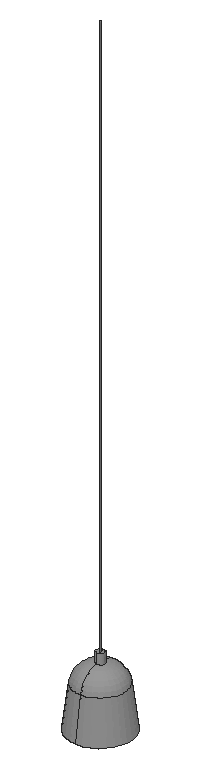
Revit family "Lighting_Pendants_Zero_Convex_Pendant_Small", category Lighting Fixtures, Revit 2020
Family settings
  Round Connector Dimension = Use Diameter
  Part Type = Normal
  OmniClass Number = 23.80.70.00
  OmniClass Title = Lighting
  Work Plane-Based = Yes
  Always vertical = Yes
  Cut with Voids When Loaded = No
  Light Source = Yes
  Shared = No
  Room Calculation Point = No
Parameters (values of type "Convex small Max 28W/E27 Black")
  Youtube clip = ""
  Weight Net (Kg) = "0.8"
  Wattage = 6.53014 W
  WarrantyStartDate [instance] = "n/a"
  WarrantyGuarantorParts = "n/a"
  WarrantyGuarantorLabor = "n/a"
  WarrantyDurationUnit = "Year"
  WarrantyDurationParts = "n/a"
  WarrantyDurationLabor = "n/a"
  WarrantyDescription = "n/a"
  built-in parameter 1150110 = 1 (stored number, unit not read)
  VersionDate = "31/08/2023"  # constant formula
  Version = "2"  # constant formula
  UsageCurrent = 0 A
  Uniformat II Description = ""
  Uniformat II Code = ""
  Uniclass2015Reference = "Pr_70_70_48_86"
  Uniclass2015Description = "Suspended luminaires"
  Uniclass2 = "Pr_70_70_49_86"
  Uniclass 2015 Name = ""
  Uniclass 2015 Code = ""
  Uniclass 2.0 Description = ""
  Uniclass 2.0 Code = ""
  Uniclass 1.4 Description = ""
  Uniclass 1.4 Code = ""
  URL = "https://www.zerolighting.com/convexliten-inompe/"
  UNSPSC Code = ""
  TotalWattage = 28 W
  built-in parameter 1114217 = 1 (stored number, unit not read)
  Tilt Angle = 90.00°
  built-in parameter 1150109 = 1 (stored number, unit not read)
  built-in parameter 1150134 = (empty or 0)
  Technical description = ""
  TagNumber [instance] = "n/a"
  SustainabilityPerformance = "n/a"
  built-in parameter 1150113 = 1 (stored number, unit not read)
  Size = "160x160x185 mm"
  Shape = "Sculptured"
  SerialNumber [instance] = "n/a"
  Revision = "4"  # constant formula
  ReplacementCost = "n/a"
  Region South America = "None"
  Region Oceania = "AU, NZ"
  Region North America = "BZ, CR, GT, HN, MX, NI, PA, SV, US"
  Region Middle East = "AE"
  Region Europe = "AD, AL, AT, AX, BA, BE, BG, BY, CH, CY, CZ, DE, DK, EE, ES, FI, FO, FR, GB, GG, GI, GR, HR, HU, IE, IM, IS, IT, JE, LI, LT, LU, LV, MC, MD, ME, MK, MT, NL, NO, PL, PT, RO, RS, RU, SE, SI, SJ, SK, SM, UA, VA"
  Region Asia = "HK, JP, SG"
  Region Antarctica = "None"
  Region Africa = "None"
  ProductInformation = "n/a"
  Product group = "Pendant"
  Product family = "Convex"
  Product certification = ""
  Product SKU = "Convex_pendant_small"
  Product Guid = "f245711e-cec1-4216-83be-0d51aa60e1ac"
  Photometric Web File = "convex82993_IES.IES"
  PhaseReference = "n/a"
  PhaseAngle = 0.00°
  OmniClass Description = ""
  OmniClass Code = ""
  NumberOfSources = 0
  NumberOfPoles = 1
  NominalVoltageCalc = 0 V
  NominalVoltage = 230 V
  NominalRadius = 80 mm
  NominalLength = 160 mm
  NominalFrequencyRange = 50 Hz
  NominalDiameter = 160 mm
  NominalCurrent = 0 A
  Nominal width = 160 mm
  Nominal height = 185 mm
  Name = "Zero_Convex_Pendant_Small"  # constant formula
  NBSReference = "90-60-50/405"
  NBSDescription = "General purpose luminaires"
  NBS Reference Description = ""
  NBS Reference Code = ""
  ModelReference = "n/a"
  ModelNumber = "8291-1-06"
  Model = "Convex small Max 28W/E27 Black"
  Material secondary = "Acrylic"
  Material main = "Aluminium"
  Material = "Metal"
  Masterformat 2014 Description = ""
  Masterformat 2014 Code = ""
  ManufacturersSpecificInformation = "n/a"
  ManufacturerURL = "https://www.zerolighting.com/"
  ManufacturerName = "Zero"
  Manufacturer name = "ZERO"
  Manufacturer country = "Sweden"
  Manufacturer = "Zero"
  MaintenanceFactor = 0
  Lumens = 970 lm
  built-in parameter 1150115 = 1 (stored number, unit not read)
  built-in parameter 1150105 = 77.19 (stored number, unit not read)
  LightFixturePlacingType = "Ceiling"
  LightFixtureMountingType = "Suspended"
  LightFixtureMainMaterial = Black
  built-in parameter 1150137 = (empty or 0)
  built-in parameter 1150139 = (empty or 0)
  LensMaterial = Tempered glass
  built-in parameter 1150112 = 1 (stored number, unit not read)
  built-in parameter 1150114 = 1 (stored number, unit not read)
  InsulationStandardClass = "n/a"
  InstallationDate [instance] = "n/a"
  Installation instructions = ""
  built-in parameter 1150132 = 2
  built-in parameter 1150102 = (empty or 0)
  built-in parameter 1150138 = (empty or 0)
  built-in parameter 1150107 = 3000 (stored number, unit not read)
  built-in parameter 1150106 = 0.7719 (stored number, unit not read)
  IfcExportType = "NOTDEFINED"  # constant formula
  IfcExportAs = "IfcLightFixtureType"  # constant formula
  IP_Code = "IP20"
  IFC Classification = ""
  HasProtectiveEarth = no
  Grade = "n/a"
  GTIN code = ""
  Finish = "Painted aluminum"
  Features = "Terminal block 2x2, 25mm2"
  ExpectedLife = "n/a"
  Emit from Circle Diameter = 158 mm
  Emit Shape Visible in Rendering = no
  ElectricalDeviceNominalPower = 0
  built-in parameter 1150104 = 13.8 (stored number, unit not read)
  Edition number = 1
  EANNumber = "n/a"
  DurationUnit = "Year"
  Dimming Lamp Color Temperature Shift = <None>
  Designer = "Jens Fager"
  Design country = "Sweden"
  DefaultElevation = 0 mm
  Default Elevation [instance] = 1219.2 mm
  Date of publishing = ""
  ConvergoRefNr = "0046-1708-0031-SE"
  Constituents = "n/a"
  Color Filter = 16777215
  Color = "Black"
  Collection = "Convex"
  CodePerformance = "n/a"
  Category = "Pendant"
  CableLength [instance] = 1500 mm
  COBIe Type Category = ""
  Brand url = "http://www.zero.se"
  Brand = "Zero"
  Barcode [instance] = "n/a"
  built-in parameter 1114218 = 1 (stored number, unit not read)
  BIMObjectName = "Lighting_Pendants_Zero_Convex_Pendant_Small"  # constant formula
  Author = "Convergo AB"  # constant formula
  built-in parameter 1150133 = 10 (stored number, unit not read)
  AssetType = "Fixed"
  AssetIdentifier [instance] = "n/a"
  ArticleNumber = "8291-1-06"
  AccessibilityPerformance = "n/a"
Types (4, lengths in mm): name | ModelNumber | Model | LightFixtureMainMaterial | Color | ArticleNumber
  Convex small Max 28W/E27 White | "8291-1-01" | "Convex small Max 28W/E27 White" | White | "White" | "8291-1-01"
  Convex small Max 28W/E27 Black | "8291-1-06" | "Convex small Max 28W/E27 Black" | Black | "Black" | "8291-1-06"
  Convex small Max 28W/E27 Orange | "8291-1-41" | "Convex small Max 28W/E27 Orange" | Orange RAL 2004 | "Orange" | "8291-1-01"
  Convex small Max 28W/E27 Galvanized | "8291-1-83" | "Convex small Max 28W/E27 Galvanized" | Hot-dip Galvanized | "Silver" | "8291-1-83"
Reference planes
  plane 1 "Light Source Axis (F/B)": y = 0
  plane 2: z = 0
  plane 3 "Light Source Axis (L/R)": x = 0
  plane 4 "Ceiling": z = 0
  plane 5 "Light Source Elevation": z = -1685
  plane 6: y = 80
  plane 7: y = -80
  plane 8: x = -80
  plane 9: x = 80
  plane 10: z = -1500
  plane 11: z = 0
Forms (mm)
  Extrusion 1, solid, material "Black", detail levels medium+fine
    sketch origin (0, 51.698, -1685) x (-1, 0, 0) y (0, -1, 0)
      loop
        circle (0, 51.698) r 1
    from 185 to 1685
  Extrusion 2, solid, material "Black" <- "LightFixtureMainMaterial", detail levels coarse
    sketch origin (0, -1, -1685) x (-1, 0, 0) y (0, -1, 0)
      loop
        line (80, 79) -> (-80, 79) -> (-80, -81) -> (80, -81) -> (80, 79)
    from 0 to 1685
Lines and regions (mm)
  symbolic lines, detail levels medium+fine
    curve 1: line (1, 0, -1500) -> (1, 0, 0)
    curve 2: line (-1, 0, 0) -> (-1, 0, -1500)
    curve 3: line (0, 1, -1500) -> (0, 1, 0)
    curve 4: line (0, -1, 0) -> (0, -1, -1500)
Dimensions and locks
  equal spacing: plane 6, plane 1 "Light Source Axis (F/B)", plane 7
  plane 6 to plane 7 = 160 mm
  equal spacing: plane 8, plane 3 "Light Source Axis (L/R)", plane 9
  "NominalLength": plane 8 to plane 9
  "CableLength": plane 10 to level
  plane 5 "Light Source Elevation" to plane 10 = 185 mm
  aligned and locked: plane 3 "Light Source Axis (L/R)" to imposter light
  aligned and locked: plane 1 "Light Source Axis (F/B)" to imposter light
  aligned and locked: plane 5 "Light Source Elevation" to imposter light
  aligned and locked: plane 10 to Extrusion 1
  aligned and locked: level to Extrusion 1
  aligned and locked: plane 10 to nested 1
  aligned and locked: plane 5 "Light Source Elevation" to Extrusion 2
  aligned and locked: Extrusion 2 to plane 4 "Ceiling"
Automatic sketch dimensions
  Extrusion 1 sketch curve to Extrusion 1 sketch curve = 0 mm  (x2)
  Extrusion 1 sketch curve to plane 3 "Light Source Axis (L/R)" = 0 mm
  plane 1 "Light Source Axis (F/B)" to Extrusion 1 sketch curve = 0 mm
  Extrusion 1 sketch curve to Extrusion 1 sketch curve = 1 mm
  Extrusion 2 sketch curve to plane 7 = 0 mm
  Extrusion 2 sketch curve to plane 9 = 0 mm
  plane 6 to Extrusion 2 sketch curve = 0 mm
  plane 8 to Extrusion 2 sketch curve = 0 mm
  curve 2 to level = 0 mm
  curve 2 to plane 10 = 0 mm
  curve 1 to level = 0 mm
  curve 1 to plane 10 = 0 mm
  curve 2 to plane 3 "Light Source Axis (L/R)" = 1 mm
  plane 3 "Light Source Axis (L/R)" to curve 1 = 1 mm
  curve 4 to level = 0 mm
  plane 10 to curve 4 = 0 mm
  curve 3 to level = 0 mm
  plane 10 to curve 3 = 0 mm
  plane 1 "Light Source Axis (F/B)" to curve 4 = 1 mm
  curve 3 to plane 1 "Light Source Axis (F/B)" = 1 mm
Nested families
  nested 1: "Convex-pendant-small" at (0, 0, -1685), Material1 <- "LightFixtureMainMaterial", Material2 <- "LensMaterial", type "Convex-pendant-small"
    with Material2 Tempered glass, Material1 Black
Connectors
  electrical at (0, 0, 0), driven by "NominalVoltage"
    settings: on Extrusion 1, index 1, voltage 230 V, apparent load 0 VA, apparent load phase1 0 VA, apparent load phase2 0 VA, apparent load phase3 0 VA, power factor 1, load classification "Other", number of poles 1, system type 31, power factor state 1, is connector primary yes, connector utility no, sub classification motor no, connector description ""
Definition of nested family "Convex-pendant-small"
  Parameters (values of type "Convex-pendant-small")
    Material2 [instance] = none
    Material1 [instance] = none
    Default Elevation = 0 mm
  Reference planes
    plane 1 "Center (Front/Back)": y = 0
    plane 2: z = 0
    plane 3 "Center (Left/Right)": x = 0
  Forms (mm)
    Revolve 1, solid, material <- "Material1", detail levels medium+fine
      sketch origin (0, 0, 0) x (0, 1, 0) y (0, 0, 1)
        loop
          line (77.983, 0) -> (80, 0) -> (65.443, 110.903)
          arc (65.443, 110.903) -> (47.176, 145.572) -> (10.742, 160) r 56.459
          line (10.742, 160) -> (0, 160) -> (0, 158) -> (10.719, 158)
          arc (10.719, 158) -> (45.848, 144.076) -> (63.46, 110.643) r 54.459
          line (63.46, 110.643) -> (77.983, 0)
        axis (0, 160) -> (0, 0)
      angle from 0 to 360
    Revolve 2, solid, material <- "Material1", detail levels medium+fine
      sketch origin (0, 0, -116.883) x (0, 1, 0) y (0, 0, 1)
        loop
          line (10.742, 276.883) -> (10.742, 301.883) -> (0, 301.883) -> (0, 276.883) -> (10.742, 276.883)
        axis (0, 301.883) -> (0, 276.883)
      angle from 0 to 360
    Revolve 3, solid, material <- "Material2", detail levels medium+fine
      sketch origin (0, 0, 0) x (1, 0, 0) y (0, 0, 1)
        loop
          line (-77.703, 2) -> (0, 2) -> (0, 4) -> (-77.458, 4) -> (-77.703, 2)
        axis (0, 4) -> (0, 2)
      angle from 0 to 360
  Lines and regions (mm)
    symbolic lines, detail levels fine
      curve 1: line (0, -1, 185) -> (0, 1, 185)
      curve 6: line (0, 10.742, 160) -> (0, 0, 160)
      curve 12: line (1, 0, 185) -> (-1, 0, 185)
      curve 17: line (-10.742, 0, 160) -> (0, 0, 160)
      curve 23: line (10.742, 0, 160) -> (0, 0, 160)
      curve 25: line (0, -10.742, 160) -> (0, 0, 160)
      curve 26: circle (0, 0, 0) r 78.5 normal (0, 0, 1)
    symbolic lines, detail levels medium+fine
      curve 2: line (0, 10.742, 185) -> (0, 10.742, 160)
      curve 3: line (0, 80, 0) -> (0, 64.986, 114.016)
      curve 4: arc (0, 64.986, 114.016) -> (0, 45.783, 146.349) -> (0, 10.742, 160) r 57.742
      curve 5: line (0, 80, 0) -> (0, 0, 0)
      curve 7: line (0, -1, 185) -> (0, -10.742, 185)
      curve 8: line (0, -10.742, 185) -> (0, -10.742, 160)
      curve 9: line (0, -80, 0) -> (0, -64.986, 114.016)
      curve 10: arc (0, -64.986, 114.016) -> (0, -45.783, 146.349) -> (0, -10.742, 160) r 57.742
      curve 11: line (0, -80, 0) -> (0, 0, 0)
      curve 13: line (-10.742, 0, 185) -> (-10.742, 0, 160)
      curve 14: arc (-10.742, 0, 160) -> (-45.44, 0, 146.901) -> (-64.365, 0, 115.005) r 56.058
      curve 15: line (-64.365, 0, 115.005) -> (-80, 0, 0)
      curve 16: line (-80, 0, 0) -> (0, 0, 0)
      curve 18: line (1, 0, 185) -> (10.742, 0, 185)
      curve 19: line (10.742, 0, 185) -> (10.742, 0, 160)
      curve 20: arc (10.742, 0, 160) -> (45.44, 0, 146.901) -> (64.365, 0, 115.005) r 56.058
      curve 21: line (64.365, 0, 115.005) -> (80, 0, 0)
      curve 22: line (80, 0, 0) -> (0, 0, 0)
      curve 24: circle (0, 0, 0) r 80 normal (0, 0, 1)
      curve 27: line (-1, 0, 185) -> (-10.742, 0, 185)
      curve 28: line (0, 1, 185) -> (0, 10.742, 185)
  Dimensions and locks
    aligned and locked: level to plane 2
